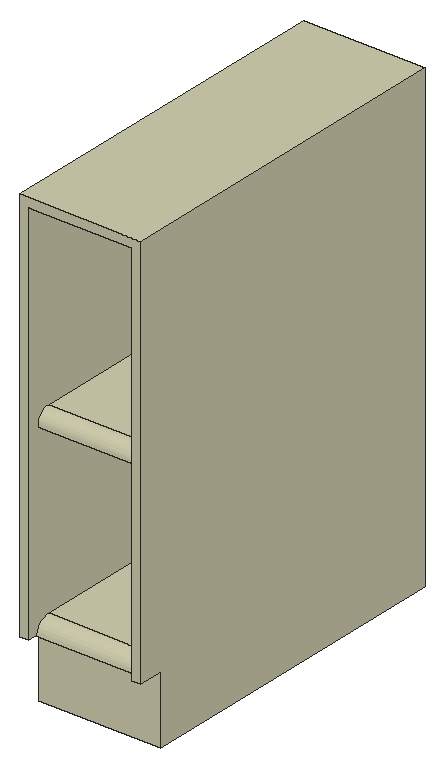
Revit family "Wenger Cabinet 59", category Furniture, Revit 2011
Parameters (values of type "Standard Cabinet #59")
  URL = "http://www.wengercorp.com/Home/Contact.html"
  Toekick Material [instance] = none
  RH End Panel [instance] = no
  Model = "59"
  Manufacturer = "Wenger Corporation"
  LH End Panel [instance] = no
  End Panel Material [instance] = none
  Edge Banding Material [instance] = none
  Door Material [instance] = none
  Description = "Standard Cabinet #59"
  Cabinet Width = 0' - 10"
  Cabinet Label = Labels : Standard
  Cabinet Height = 3' - 2 5/16"
  Cabinet Depth = 2' - 5 1/4"
  Cabinet Back Thickness = 0' - 0 3/4"
  Assembly Code = ""
Types (4): name | Model | Description | Cabinet Width | Cabinet Label | Cabinet Depth | Cabinet Back Thickness
  Standard Cabinet #59 | "59" | "Standard Cabinet #59" | 0' - 10" | Labels : Standard | 2' - 5 1/4" | 0' - 0 3/4"
  Acoustic Cabinet #59 | "59A" | "Acoustic Cabinet #59" | 0' - 10" | Labels : Acoustic | 2' - 7 3/4" | 0' - 3 1/4"
  Narrow Acoustic Cabinet #59 | "59NA" | "Narrow Acoustic Cabinet #59" | 0' - 8" | Labels : Narrow Acoustic | 2' - 7 3/4" | 0' - 3 1/4"
  Narrow Cabinet #59 | "59N" | "Narrow Cabinet #59" | 0' - 8" | Labels : Narrow | 2' - 5 1/4" | 0' - 0 3/4"
Reference planes (in)
  plane 1 "Front": y = 0
  plane 2: z = 0
  plane 3 "Left": x = 0
  plane 4 "Right": x = 10
  plane 5 "Back": y = 29.25
  plane 6 "Top": z = 38.3125
  plane 7: z = 5.625
  plane 8: z = 21.03125
  plane 9: x = 0.75
  plane 10: x = 9.25
  plane 11: z = 37.5625
  plane 12: y = 28.5
  plane 13: y = 2
  plane 14: y = 0.75
  plane 15: z = 22.15625
  plane 16: z = 6.75
Forms (in)
  Extrusion 1, solid, material "Wenger - Oyster"
    sketch origin (0, 0, 0) x (0, 1, 0) y (0, 0, 1)
      loop
        line (0, 38.3125) -> (0, 5.625) -> (2, 5.625) -> (2, 0) -> (29.25, 0) -> (29.25, 38.3125) -> (0, 38.3125)
    from 0 to 10
  Extrusion 2, void
    sketch origin (0, 0, 0) x (0, 1, 0) y (0, 0, 1)
      loop
        line (0, 37.5625) -> (0, 5.625) -> (0.73621, 5.625)
        arc (0.73621, 5.625) -> (1.15605, 6.42816) -> (2.00325, 6.75) r 1.276
        line (2.00325, 6.75) -> (28.5, 6.75) -> (28.5, 21.03125) -> (0.875, 21.03125)
        arc (0.875, 21.03125) -> (1.2045, 21.82675) -> (2, 22.15625) r 1.125
        line (2, 22.15625) -> (28.5, 22.15625) -> (28.5, 37.5625) -> (0, 37.5625)
    from 0.75 to 9.25
Cuts and joins
  Extrusion 2 cuts Extrusion 1
Lines and regions (in)
  symbolic lines
    curve 1: line (0, 29.25, 0) -> (10, 29.25, 0)
    curve 2: line (0, 0, 0) -> (0, 29.25, 0)
    curve 3: line (10, 0, 0) -> (0, 0, 0)
    curve 4: line (10, 29.25, 0) -> (10, 0, 0)
Dimensions and locks (in)
  locked: plane 3 "Left" to plane 9 at 0.75
  locked: plane 10 to plane 4 "Right" at 0.75
  "Cabinet Back Thickness": plane 5 "Back" to plane 12
  locked: plane 1 "Front" to plane 14 at 0.75
  locked: plane 1 "Front" to plane 13 at 2
  locked: plane 15 to plane 8 at 1.125
  locked: plane 6 "Top" to plane 11 at 0.75
  locked: plane 16 to plane 7 at 1.125
  plane 10 to plane 3 "Left" = 0' - 9 1/4"
  "Cabinet Width": plane 3 "Left" to plane 4 "Right"
  locked: plane 7 to level at 5.625
  "Cabinet Height": plane 6 "Top" to level
  "Cabinet Depth": plane 1 "Front" to plane 5 "Back"
  plane 9 to plane 10 = 0' - 8 1/2"
  plane 11 to plane 7 = 2' - 7 15/16"
  equal spacing: plane 11, plane 15, plane 16
  aligned and locked: Extrusion 1 sketch curve to plane 6 "Top"
  aligned and locked: Extrusion 1 sketch curve to plane 5 "Back"
  aligned and locked: Extrusion 1 sketch curve to plane 1 "Front"
  aligned and locked: Extrusion 1 sketch curve to plane 7
  aligned and locked: Extrusion 1 sketch curve to plane 13
  aligned and locked: Extrusion 1 sketch curve to level
  aligned and locked: Extrusion 1 to plane 4 "Right"
  aligned and locked: Extrusion 1 to plane 3 "Left"
  aligned and locked: plane 3 "Left" to curve 2
  aligned and locked: curve 1 to plane 5 "Back"
  aligned and locked: plane 4 "Right" to curve 4
  aligned and locked: curve 3 to plane 1 "Front"
  aligned and locked: Extrusion 2 to plane 10
  aligned and locked: Extrusion 2 to plane 9
Automatic sketch dimensions
  Extrusion 2 sketch curve to plane 1 "Front" = 0' - 0"
  plane 14 to Extrusion 2 sketch curve = 0' - 0.01379"
  Extrusion 2 sketch curve to plane 8 = 0' - 0"
  Extrusion 2 sketch curve to plane 13 = 0' - 0"
  Extrusion 2 sketch curve to plane 13 = 0' - 0.00325"
  Extrusion 2 sketch curve to plane 12 = 0' - 0"  (x2)
  Extrusion 2 sketch curve to plane 16 = 0' - 0"
  Extrusion 2 sketch curve to plane 15 = 0' - 0"
  Extrusion 2 sketch curve to plane 11 = 0' - 0"
  plane 7 to Extrusion 2 sketch curve = 0' - 0"
Nested families (in)
  nested 1: "LH End Panel" at (0, 14.25, 0) x (0, -1, 0) z (0, 0, 1), End Panel Material <- "End Panel Material", visible <- "LH End Panel", Edge Banding Material <- "Edge Banding Material", type "20x84 LH"
    with End Panel Material none, Edge Banding Material none, End Panel Height 3' - 2 5/16", End Panel Depth 2' - 5 1/4"
  nested 2: "RH End Panel" at (10.75, 14.25, 0) x (0, -1, 0) z (0, 0, 1), End Panel Material <- "End Panel Material", visible <- "RH End Panel", Edge Banding Material <- "Edge Banding Material", type "20x84 RH"
    with End Panel Material none, Edge Banding Material none, End Panel Height 3' - 2 5/16", End Panel Depth 2' - 5 1/4"
  nested 3: "Labels" at (5.08333, 13.98211, 0) x (0, 1, 0) z (0, 0, 1), type <- "Cabinet Label", type "Standard"
  nested 4: "Front Note" at (4.53977, 0.75, 0), type "Front Note", detail levels medium+fine
Definition of nested family "LH End Panel"
  Parameters (values of type "20x84 LH")
    End Panel Material [instance] = none
    End Panel Height = 7' - 1 5/8"
    End Panel Depth = 1' - 7 1/4"
    Edge Banding Material [instance] = none
    Default Elevation = 4' - 0"
    Assembly Code = ""
  Reference planes (in)
    plane 1 "Center (Front/Back)": y = 0
    plane 2: z = 0
    plane 3 "Center (Left/Right)": x = 0
    plane 4: x = -15
    plane 5: x = 4.25
    plane 6: z = 5.625
    plane 7: x = 2.25
    plane 8: z = 85.625
    plane 9: y = -0.75
  Forms (in)
    Extrusion 1, solid, material <- "End Panel Material"
      sketch origin (0, 0, 0) x (1, 0, 0) y (0, 0, 1)
        loop
          line (-15, 85.625) -> (-15, 0) -> (2.25, 0) -> (2.25, 5.625) -> (4.25, 5.625) -> (4.25, 85.625) -> (-15, 85.625)
      from 0 to 0.75
  Dimensions and locks (in)
    locked: plane 7 to plane 5 at 2
    locked: plane 6 to level at 5.625
    "End Panel Height": plane 8 to level
    "End Panel Depth": plane 5 to plane 4
    locked: plane 9 to plane 1 "Center (Front/Back)" at 0.75
    aligned and locked: plane 4 to Extrusion 1 sketch curve
    aligned and locked: level to Extrusion 1 sketch curve
    aligned and locked: plane 7 to Extrusion 1 sketch curve
    aligned and locked: plane 6 to Extrusion 1 sketch curve
    aligned and locked: Extrusion 1 sketch curve to plane 5
    aligned and locked: Extrusion 1 sketch curve to plane 8
    aligned and locked: Extrusion 1 to plane 9
    aligned and locked: Extrusion 1 to plane 1 "Center (Front/Back)"
Definition of nested family "RH End Panel"
  Parameters (values of type "20x84 RH")
    End Panel Material [instance] = none
    End Panel Height = 7' - 1 5/8"
    End Panel Depth = 1' - 7 1/4"
    Edge Banding Material [instance] = none
    Default Elevation = 4' - 0"
    Assembly Code = ""
  Reference planes (in)
    plane 1 "Center (Front/Back)": y = 0
    plane 2: z = 0
    plane 3 "Center (Left/Right)": x = 0
    plane 4: x = -15
    plane 5: x = 4.25
    plane 6: z = 5.625
    plane 7: x = 2.25
    plane 8: z = 85.625
    plane 9: y = -0.75
  Forms (in)
    Extrusion 1, solid, material <- "End Panel Material"
      sketch origin (0, 0, 0) x (1, 0, 0) y (0, 0, 1)
        loop
          line (-15, 85.625) -> (-15, 0) -> (2.25, 0) -> (2.25, 5.625) -> (4.25, 5.625) -> (4.25, 85.625) -> (-15, 85.625)
      from 0 to 0.75
  Dimensions and locks (in)
    locked: plane 7 to plane 5 at 2
    locked: plane 6 to level at 5.625
    "End Panel Height": plane 8 to level
    "End Panel Depth": plane 5 to plane 4
    locked: plane 9 to plane 1 "Center (Front/Back)" at 0.75
    aligned and locked: plane 4 to Extrusion 1 sketch curve
    aligned and locked: level to Extrusion 1 sketch curve
    aligned and locked: plane 7 to Extrusion 1 sketch curve
    aligned and locked: plane 6 to Extrusion 1 sketch curve
    aligned and locked: Extrusion 1 sketch curve to plane 5
    aligned and locked: Extrusion 1 sketch curve to plane 8
    aligned and locked: Extrusion 1 to plane 9
    aligned and locked: Extrusion 1 to plane 1 "Center (Front/Back)"
Definition of nested family "Labels"
  Parameters (values of type "Standard")
    Cabinet Label = "01"
  Types (4): name | Cabinet Label
    Standard | "01"
    Narrow | "01N"
    Narrow Acoustic | "01NA"
    Acoustic | "01A"
  Reference planes (in)
    plane 1: y = 0
    plane 2: x = 0
  Text (in)
    label "xxxx" at (-0.00018, 0.00754, 0), shows "Cabinet Label"
Definition of nested family "Front Note"
  Parameters (values of type "Front Note")
    Cabinet Label = "Front"
  Reference planes (in)
    plane 1: y = 0
    plane 2: x = 0
  Text (in)
    label "Front" at (-0.00018, 0.00754, 0), shows "Cabinet Label"
